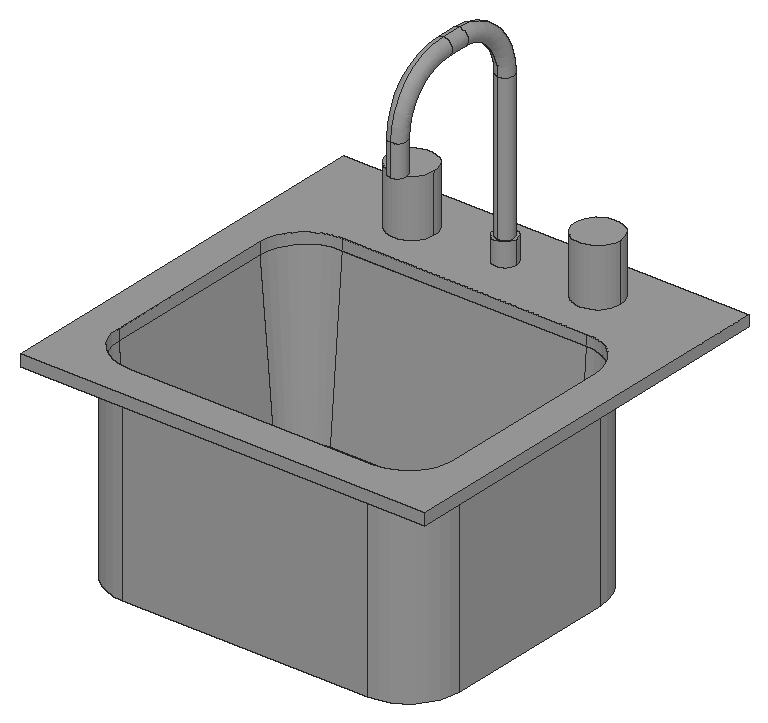
Revit family
Parameters (values of type "450 x 450mm")
  Counter Height = 900.00 mm
  Depth = 450.00 mm
  Fixture Material = Metal - Steel, Polished
  Sink Material = Metal - Steel, Polished
  Width = 450.00 mm
  Assembly Code = ""
Reference planes
  plane 1 "Center (Front/Back)": y = 2.345
  plane 2: z = 0
  plane 3 "Center (Left/Right)": x = 15.689
  plane 4: y = 227.345
  plane 5: y = -222.655
  plane 6: x = -209.311
  plane 7: x = 240.689
  plane 8 "Top Of Counter": z = 900
  plane 9: z = 912.7
  plane 10: z = 684.1
  plane 11: y = 113.045
  plane 12: x = -171.211
  plane 13: y = -184.555
  plane 14: x = 202.589
  plane 15: x = -85.911
  plane 16: x = 117.289
  plane 17: y = 170.195
  plane 18: y = 170.195
  plane 19: y = 170.195
  plane 20: z = 1163.525
  plane 21: y = 20.97
  plane 22: z = 976.2
  plane 23: z = 938.1
Forms (mm)
  Extrusion 1, solid, material "Metal - Steel, Polished" <- "Sink Material"
    sketch origin (0, 0, 0) x (1, 0, 0) y (0, 1, 0)
      loop
        line (-209.311, 227.345) -> (-209.311, -222.655) -> (240.689, -222.655) -> (240.689, 227.345) -> (-209.311, 227.345)
      loop
        arc (-120.411, 113.045) -> (-156.332, 98.166) -> (-171.211, 62.245) r 50.8
        line (-171.211, 62.245) -> (-171.211, -133.755)
        arc (-171.211, -133.755) -> (-156.332, -169.676) -> (-120.411, -184.555) r 50.8
        line (-120.411, -184.555) -> (151.789, -184.555)
        arc (151.789, -184.555) -> (187.71, -169.676) -> (202.589, -133.755) r 50.8
        line (202.589, -133.755) -> (202.589, 62.245)
        arc (202.589, 62.245) -> (187.71, 98.166) -> (151.789, 113.045) r 50.8
        line (151.789, 113.045) -> (-120.411, 113.045)
    from 900 to 912.7
  Sweep 2, solid, material "Metal - Steel, Polished" <- "Sink Material"
    path origin (0, 0, 0) x (1, 0, 0) y (0, 1, 0)
      loop
        arc (-120.411, 113.045) -> (-156.332, 98.166) -> (-171.211, 62.245) r 50.8
        line (-171.211, 62.245) -> (-171.211, -133.755)
        arc (-171.211, -133.755) -> (-156.332, -169.676) -> (-120.411, -184.555) r 50.8
        line (-120.411, -184.555) -> (151.789, -184.555)
        arc (151.789, -184.555) -> (187.71, -169.676) -> (202.589, -133.755) r 50.8
        line (202.589, -133.755) -> (202.589, 62.245)
        arc (202.589, 62.245) -> (187.71, 98.166) -> (151.789, 113.045) r 50.8
        line (151.789, 113.045) -> (-120.411, 113.045)
    profile origin (15.689, 0, 0) x (0, 1, 0) y (0, 0, 1)
      loop
        line (113.045, 900) -> (96.511, 711.015)
        arc (96.511, 711.015) -> (90.404, 698.63) -> (77.534, 693.625) r 19.05
        line (77.534, 693.625) -> (74.945, 693.625) -> (74.945, 684.1) -> (119.395, 684.1) -> (119.395, 900) -> (113.045, 900)
  Extrusion 3, solid, material "Metal - Steel, Polished" <- "Sink Material"
    sketch origin (0, 0, 0) x (1, 0, 0) y (0, 1, 0)
      loop
        arc (-120.411, 74.945) -> (-129.391, 71.226) -> (-133.111, 62.245) r 12.7
        line (-133.111, 62.245) -> (-133.111, -133.755)
        arc (-133.111, -133.755) -> (-129.391, -142.735) -> (-120.411, -146.455) r 12.7
        line (-120.411, -146.455) -> (151.789, -146.455)
        arc (151.789, -146.455) -> (160.769, -142.735) -> (164.489, -133.755) r 12.7
        line (164.489, -133.755) -> (164.489, 62.245)
        arc (164.489, 62.245) -> (160.769, 71.226) -> (151.789, 74.945) r 12.7
        line (151.789, 74.945) -> (-120.411, 74.945)
      loop
        circle (15.689, 0) r 25.4
    from 684.1 to 693.625
  Extrusion 4, solid, material "Metal - Steel, Polished" <- "Fixture Material"
    sketch origin (0, 0, 0) x (1, 0, 0) y (0, 1, 0)
      loop
        circle (-85.911, 167.117) r 25.4
      loop
        circle (117.289, 172.313) r 25.4
    from 912.7 to 976.2
  Sweep 5, solid, material "Metal - Steel, Polished" <- "Fixture Material"
    path origin (15.689, 0, 0) x (0, 1, 0) y (0, 0, 1)
      loop
        line (170.195, 912.7) -> (170.195, 1100.025)
        arc (170.195, 1100.025) -> (151.597, 1144.926) -> (106.695, 1163.525) r 63.5
        line (106.695, 1163.525) -> (84.47, 1163.525)
        arc (84.47, 1163.525) -> (39.569, 1144.926) -> (20.97, 1100.025) r 63.5
        line (20.97, 1100.025) -> (20.97, 1065.1)
    profile origin (15.689, 0, 1006.363) x (0, -1, 0) y (1, 0, 0)
      loop
        circle (-170.195, 0) r 9.525
  Extrusion 6, solid, material "Metal - Steel, Polished" <- "Fixture Material"
    sketch origin (0, 0, 0) x (1, 0, 0) y (0, 1, 0)
      loop
        circle (15.689, 170.195) r 12.7
    from 912.7 to 938.1
Cuts and joins
  joined: Sweep 5, Extrusion 6
  joined: Sweep 2, Extrusion 3
Lines and regions (mm)
  symbolic lines
    curve 1: line (240.689, 227.345, 0) -> (-209.311, 227.345, 0)
    curve 2: line (240.689, -222.655, 0) -> (240.689, 227.345, 0)
    curve 3: line (-209.311, -222.655, 0) -> (240.689, -222.655, 0)
    curve 4: line (-209.311, 227.345, 0) -> (-209.311, -222.655, 0)
    curve 5: arc (41.089, 0, 0) -> (15.689, 25.4, 0) -> (-9.711, 0, 0) r 25.4
    curve 6: arc (-9.711, 0, 0) -> (15.689, -25.4, 0) -> (41.089, 0, 0) r 25.4
    curve 7: line (-171.211, 62.245, 0) -> (-171.211, -133.755, 0)
    curve 8: line (-120.411, -184.555, 0) -> (151.789, -184.555, 0)
    curve 9: line (202.589, -133.755, 0) -> (202.589, 62.245, 0)
    curve 10: line (151.789, 113.045, 0) -> (28.389, 113.045, 0)
    curve 11: arc (202.589, 62.245, 0) -> (187.71, 98.166, 0) -> (151.789, 113.045, 0) r 50.8
    curve 12: arc (151.789, -184.555, 0) -> (187.71, -169.676, 0) -> (202.589, -133.755, 0) r 50.8
    curve 13: arc (-171.211, -133.755, 0) -> (-156.332, -169.676, 0) -> (-120.411, -184.555, 0) r 50.8
    curve 14: arc (-120.411, 113.045, 0) -> (-156.332, 98.166, 0) -> (-171.211, 62.245, 0) r 50.8
    curve 15: arc (-60.511, 167.117, 0) -> (-85.911, 192.517, 0) -> (-111.311, 167.117, 0) r 25.4
    curve 16: arc (142.689, 172.313, 0) -> (117.289, 197.713, 0) -> (91.889, 172.313, 0) r 25.4
    curve 17: arc (-111.311, 167.117, 0) -> (-85.911, 141.717, 0) -> (-60.511, 167.117, 0) r 25.4
    curve 18: arc (91.889, 172.313, 0) -> (117.289, 146.913, 0) -> (142.689, 172.313, 0) r 25.4
    curve 19: arc (28.389, 170.195, 0) -> (15.689, 182.895, 0) -> (2.989, 170.195, 0) r 12.7
    curve 20: line (2.989, 170.195, 0) -> (2.989, 53.145, 0)
    curve 21: line (28.389, 170.195, 0) -> (28.389, 53.145, 0)
    curve 22: arc (28.389, 53.145, 0) -> (15.689, 40.445, 0) -> (2.989, 53.145, 0) r 12.7
    curve 23: line (2.989, 113.045, 0) -> (-120.411, 113.045, 0)
Dimensions and locks
  equal spacing: plane 6, plane 3 "Center (Left/Right)", plane 7
  "Width": plane 6 to plane 7
  equal spacing: plane 5, plane 1 "Center (Front/Back)", plane 4
  "Depth": plane 5 to plane 4
  "Counter Height": plane 8 "Top Of Counter" to plane 2
  locked: plane 9 to plane 8 "Top Of Counter" at 12.7
  locked: plane 8 "Top Of Counter" to plane 10 at 215.9
  locked: plane 6 to plane 12 at 38.1
  locked: plane 14 to plane 7 at 38.1
  locked: plane 11 to plane 4 at 114.3
  locked: plane 5 to plane 13 at 38.1
  equal spacing: plane 11, plane 17, plane 4
  equal spacing: plane 11, plane 18, plane 4
  equal spacing: plane 4, plane 19, plane 11
  locked: plane 19 to plane 21 at 149.225
  locked: plane 20 to plane 9 at 250.825
  locked: plane 22 to plane 9 at 63.5
  locked: plane 23 to plane 9 at 25.4
  aligned and locked: Extrusion 1 sketch curve to plane 5
  aligned and locked: plane 7 to Extrusion 1 sketch curve
  aligned and locked: plane 4 to Extrusion 1 sketch curve
  aligned and locked: Extrusion 1 sketch curve to plane 6
  aligned and locked: plane 8 "Top Of Counter" to Extrusion 1
  aligned and locked: Extrusion 1 to plane 9
  aligned and locked: plane 11 to Extrusion 1 sketch curve
  aligned and locked: plane 14 to Extrusion 1 sketch curve
  aligned and locked: Extrusion 1 sketch curve to plane 12
  aligned and locked: Extrusion 1 sketch curve to plane 13
  aligned and locked: plane 11 to Sweep 2 sketch curve
  aligned and locked: plane 14 to Sweep 2 sketch curve
  aligned and locked: Sweep 2 sketch curve to plane 12
  aligned and locked: Sweep 2 sketch curve to plane 13
  aligned and locked: Sweep 2 to Extrusion 3 sketch curve  (x4)
  aligned and locked: Sweep 2 to Extrusion 3
  aligned and locked: plane 10 to Extrusion 3
  aligned and locked: Sweep 2 sketch curve to plane 10
  aligned and locked: plane 8 "Top Of Counter" to Sweep 2 sketch curve
  aligned and locked: Extrusion 4 to Extrusion 1
  aligned and locked: Extrusion 6 to Extrusion 1
  aligned and locked: Sweep 5 sketch curve to plane 19
  aligned and locked: plane 20 to Sweep 5 sketch curve
  aligned and locked: plane 21 to Sweep 5 sketch curve
  aligned and locked: Extrusion 4 to plane 22
  aligned and locked: Extrusion 6 to plane 23
Automatic sketch dimensions
  Sweep 2 sketch curve to plane 12 = 50.80 mm
  Sweep 2 sketch curve to Sweep 2 sketch curve = 50.80 mm
  plane 11 to Sweep 2 sketch curve = 50.80 mm
  plane 14 to Sweep 2 sketch curve = 50.80 mm
  Extrusion 1 sketch curve to plane 12 = 50.80 mm  (x2)
  plane 14 to Extrusion 1 sketch curve = 50.80 mm  (x2)
  Extrusion 3 sketch curve to plane 3 "Center (Left/Right)" = 0.00 mm
  Extrusion 3 sketch curve to Extrusion 3 sketch curve = 12.70 mm  (x4)
  plane 1 "Center (Front/Back)" to Extrusion 3 sketch curve = 2.345 mm
  Extrusion 3 sketch curve to plane 3 "Center (Left/Right)" = 25.40 mm
  Sweep 2 sketch curve to profile plane = 0.00 mm
  profile plane to Sweep 2 sketch curve = 16.534 mm
  Sweep 2 sketch curve to Sweep 2 sketch curve = 18.978 mm
  Sweep 2 sketch curve to Sweep 2 sketch curve = 2.588 mm
  Sweep 2 sketch curve to profile plane = 6.35 mm
  Sweep 2 sketch curve to Sweep 2 sketch curve = 9.525 mm
  Sweep 2 sketch curve to Sweep 2 sketch curve = 17.39 mm
  Extrusion 4 sketch curve to plane 15 = 0.00 mm
  Extrusion 4 sketch curve to plane 16 = 0.00 mm
  plane 17 to Extrusion 4 sketch curve = 3.079 mm
  plane 15 to Extrusion 4 sketch curve = 25.40 mm
  Extrusion 4 sketch curve to plane 17 = 2.118 mm
  plane 16 to Extrusion 4 sketch curve = 25.40 mm
  Sweep 5 sketch curve to plane 3 "Center (Left/Right)" = 0.00 mm
  Sweep 5 sketch curve to profile plane = 0.00 mm
  profile plane to Sweep 5 sketch curve = 9.525 mm
  Extrusion 6 sketch curve to plane 18 = 0.00 mm
  Extrusion 6 sketch curve to plane 3 "Center (Left/Right)" = 0.00 mm
  Extrusion 6 sketch curve to plane 3 "Center (Left/Right)" = 12.70 mm
  Sweep 5 sketch curve to plane 9 = 0.00 mm
  Sweep 5 sketch curve to Sweep 5 sketch curve = 63.50 mm
  plane 11 to Sweep 5 sketch curve = 6.35 mm
  Sweep 5 sketch curve to Sweep 5 sketch curve = 34.925 mm
  curve 1 to plane 4 = 0.00 mm
  curve 1 to plane 6 = 0.00 mm
  curve 7 to plane 12 = 0.00 mm
  curve 14 to plane 11 = 0.00 mm
  curve 8 to plane 13 = 0.00 mm
  curve 5 to plane 3 "Center (Left/Right)" = 0.00 mm
  curve 19 to plane 3 "Center (Left/Right)" = 0.00 mm
  curve 12 to plane 14 = 0.00 mm
  curve 1 to plane 7 = 0.00 mm
  curve 3 to plane 5 = 0.00 mm
  curve 7 to curve 13 = 50.80 mm
  curve 14 to plane 12 = 50.80 mm
  curve 15 to plane 3 "Center (Left/Right)" = 127.00 mm
  curve 15 to curve 17 = 25.40 mm
  plane 1 "Center (Front/Back)" to curve 5 = 2.345 mm
  curve 5 to plane 3 "Center (Left/Right)" = 25.40 mm
  curve 19 to curve 19 = 12.70 mm
  curve 19 to curve 18 = 63.50 mm
  curve 16 to curve 16 = 25.40 mm
  plane 14 to curve 12 = 50.80 mm
  plane 14 to curve 10 = 50.80 mm
  curve 22 to plane 1 "Center (Front/Back)" = 50.80 mm
  plane 4 to curve 17 = 60.229 mm
  plane 4 to curve 21 = 57.15 mm
  plane 4 to curve 16 = 55.032 mm
  curve 10 to plane 11 = 0.00 mm
